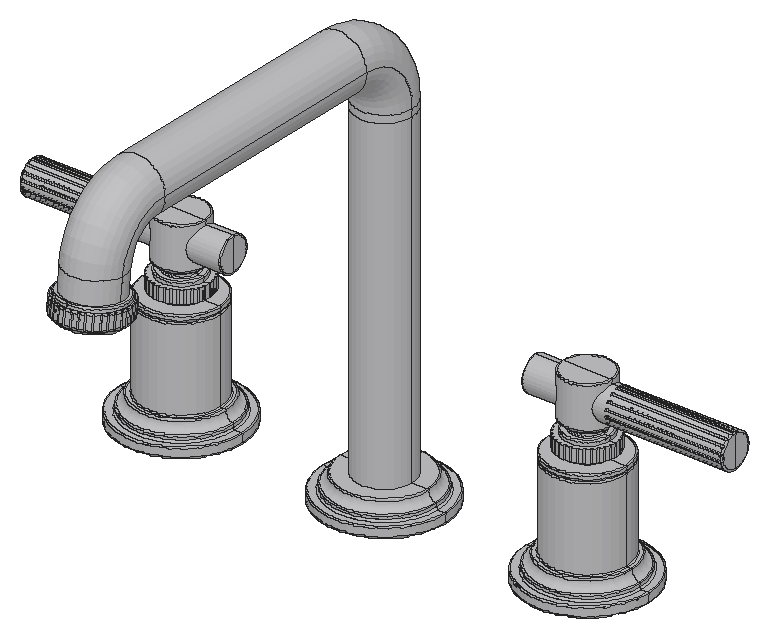
Revit family "Faucet-Deck_Mount-Bath-KALLISTA-Central_Park_West-P21247", category Plumbing Fixtures, host Face, Revit 2021
Family settings
  Host = Face
  Round Connector Dimension = Use Diameter
  Part Type = Normal
  OmniClass Number = 23.31.11.00
  OmniClass Title = Faucets
  Cut with Voids When Loaded = No
  Shared = No
  Room Calculation Point = No
Parameters (values of type "CP-Chrome")
  Width [instance] = Faucet Hole Spacing  # 8"
  WaterSense Certified = 1 = 0  # no
  Waste Water Outlet = "Waste Water Outlet"  # constant formula
  Waste Connection = 1 = 0  # no
  Vent Connection = 1 = 0  # no
  URL = "https://www.kallista.com/"
  Type = 1
  Spout Reach = 7 13/64"  # constant formula
  Product Page URL = "https://www.kallista.com/bathroom/faucets/bath-faucets/central-park-west-deck-mount-bath-faucet-lever-handles-p21247-lv-cp"
  Product Name = "Central Park West"  # constant formula
  Product Documentation Link = "https://resources.kohler.com/interiors/kallista/pdf/1363536-4.pdf"
  Pressure = 0.00 psi
  Model = if(Type = 1, "P21247-LV-CP", if(Type = 2, "P21247-LV-BN", if(Type = 3, "P21247-LV-BV", if(Type = 4, "P21247-LV-SN", if(Type = 5, "P21247-LV-ULB", if(Type = 6, "P21247-LV-BAF", "NA"))))))  # "P21247-LV-CP"
  Material = "Premium Metal Construction"  # constant formula
  Master Format 2014 Name = "Residential Faucets, Supplies, and Trim"  # constant formula
  Master Format 2014 = "22 41 39"  # constant formula
  Manufacturer Address = "444 Highland Dr, Kohler, WI 53044"  # constant formula
  Manufacturer = "Kallista Co."  # constant formula
  Length = Spout Reach  # 7 13/64"
  Hot Water Inlet = "Hot Water Inlet"  # constant formula
  Height = 8.76772"  # constant formula
  Handle Clearance = 2.91732"  # constant formula
  HW Connection = 1 = 1  # yes
  Flow Rate = 0 GPM
  Finish = Kallista-Metal-CP-Chrome
  Faucet Hole Spacing [instance] = 8"
  Environmental Product Declaration = ""
  Drain Included = 1 = 0  # no
  Description = "Deck-Mount Bath Faucet Lever Handles"  # constant formula
  Default Elevation = 36"
  Declare Label = ""
  Date Modified = "08/03/2022"  # constant formula
  Date Created = "08/03/2022"  # constant formula
  Copyright = "Copyright Kallista Co."  # constant formula
  Contact Us = "https://www.kallista.com/corporate/contact-us/"
  Cold Water Inlet = "Cold Water Inlet"  # constant formula
  CW Connection = 1 = 1  # yes
  Assembly Code = "D2010"
  ADA Compliant = 1 = 1  # yes
Reference planes (in)
  plane 1 "Center (Front/Back)": y = 0
  plane 2: z = 0
  plane 3 "Center (Left/Right)": x = 0
  plane 4: y = -1.21063
  plane 5: y = 1.21063
  plane 6: x = 1.21063
  plane 7: x = -1.21063
  plane 8: z = 8.76772
  plane 9: z = 3.70079
  plane 10: z = 2.94882
  plane 11: z = 6.40157
  plane 12: y = -7.20313
  plane 13: z = 3.28165
  plane 14: x = -4
  plane 15: x = 4
  plane 16: x = -6.91732
  plane 17: x = -5.21063
  plane 18: x = -2.78937
  plane 19: x = 6.91732
  plane 20: x = 2.78937
  plane 21: x = 5.21063
  plane 22: y = -7.88555
Dimensions and locks (in)
  "Height": level to plane 8
  plane 5 to plane 4 = 2.42126"  (x2)
  plane 9 to level = 3.70079"
  plane 10 to level = 2.94882"
  "Length": plane 1 "Center (Front/Back)" to plane 12
  level to plane 11 = 6.40157"
  "Width": plane 14 to plane 15
  equal spacing: plane 14, plane 3 "Center (Left/Right)", plane 15
  "Handle Clearance": plane 16 to plane 14
  locked: plane 17 to plane 18 at 2.42126
  equal spacing: plane 17, plane 14, plane 18
  "Handle Clearance": plane 15 to plane 19
  locked: plane 20 to plane 21 at 2.42126
  equal spacing: plane 20, plane 15, plane 21
  aligned and locked: plane 2 to host face
  aligned and locked: level to host face
  aligned and locked: plane 3 "Center (Left/Right)" to nested 1
  aligned and locked: plane 1 "Center (Front/Back)" to nested 1
  aligned and locked: plane 1 "Center (Front/Back)" to nested 2
  aligned and locked: plane 14 to nested 2
  aligned and locked: plane 15 to nested 3
Automatic sketch dimensions
  host sketch curve to host sketch curve = 96"  (x2)
Nested families (in)
  nested 1: "P21247_Spout" at (0, 0, 0), type "P21247_Spout"
  nested 2: "P21247_Handle" at (-4, 0, 0), type "P21247_Handle"
  nested 3: "P21247_Handle" at (4, 0, 0) x (-1, 0, 0) z (0, 0, 1), type "P21247_Handle"
Connectors (in)
  piping at (-4, 0, 0), diameter 0.62598, driven by "HW Connection", driven by "Hot Water Inlet"
    settings: on nested 2, index 1, connector inside diameter 24", connector length 0", flow factor 0, pipe flow 0 GPM, pressure drop 0.00 psi, fitting loss kfactor 0, connector angle 0.00°, fixture units 0, engagement length 0", angle of deflection 0.00°, flow configuration 0, flow direction 1, fitting loss method 0, system type 19, joint type 0, gender type 0, connector reference index -1, connector utility 1, adjustable connector no, is connector primary yes, connector description "Hot Water Inlet"
  piping at (4, 0, 0), diameter 0.62598, driven by "CW Connection", driven by "Cold Water Inlet"
    settings: on nested 3, index 2, connector inside diameter 24", connector length 0", flow factor 0, pipe flow 0 GPM, pressure drop 0.00 psi, fitting loss kfactor 0, connector angle 0.00°, fixture units 0, engagement length 0", angle of deflection 0.00°, flow configuration 0, flow direction 1, fitting loss method 0, system type 20, joint type 0, gender type 0, connector reference index -1, connector utility 1, adjustable connector no, is connector primary no, connector description "Cold Water Inlet"
Definition of nested family "P21247_Spout"
  Parameters
    Material = none
    Default Elevation = 0"
  Reference planes (in)
    plane 1 "Center (Front/Back)": y = 0
    plane 2: z = 0
    plane 3 "Center (Left/Right)": x = 0
    plane 4: x = -1.21063
    plane 5: x = 1.21063
    plane 6: z = 8.76772
    plane 7: y = 1.21063
    plane 8: y = -1.21063
    plane 9: y = -7.20472
    plane 10: z = 6.40157
    plane 11: y = -7.88555
    plane 12 "C": through (0, -7.19938, 6.46273) normal (0, -0.9962, 0.0872)
    plane 13 "d": through (0, -6.61342, 6.32772) normal (0, 0.0872, 0.9962)
  Forms (in)
    Revolve 1, solid, material <- "Material", detail levels medium+fine
      sketch origin (0, 0, 0) x (1, 0, 0) y (0, 0, 1)
        loop
          line (0, 0) -> (0, 6.94828) -> (-0.55118, 6.94828) -> (-0.55118, 0.49492) -> (-0.854, 0.49492)
          arc (-0.854, 0.49492) -> (-0.86832, 0.48873) -> (-0.87365, 0.47406) r 0.01969
          arc (-0.87365, 0.47406) -> (-0.90638, 0.36392) -> (-1.00218, 0.30047) r 0.16826
          arc (-1.00218, 0.30047) -> (-1.0152, 0.29212) -> (-1.02027, 0.2775) r 0.02362
          line (-1.02027, 0.2775) -> (-1.02027, 0.22617)
          arc (-1.02027, 0.22617) -> (-1.02986, 0.20301) -> (-1.05302, 0.19342) r 0.03275
          line (-1.05302, 0.19342) -> (-1.19046, 0.19342)
          arc (-1.19046, 0.19342) -> (-1.20472, 0.18751) -> (-1.21063, 0.17324) r 0.02017
          line (-1.21063, 0.17324) -> (-1.21063, 0.01958)
          arc (-1.21063, 0.01958) -> (-1.2049, 0.00573) -> (-1.19105, 0) r 0.01958
          line (-1.19105, 0) -> (0, 0)
        axis (0, 6.94828) -> (0, 0)
      angle from 0 to 360
    Sweep 2, solid, material <- "Material", detail levels medium+fine
      path origin (0, 0, 0) x (0, 1, 0) y (0, 0, 1)
        loop
          line (-7.1672, 6.83062) -> (-7.12976, 7.25848)
          arc (-7.12976, 7.25848) -> (-6.79392, 7.93951) -> (-6.08621, 8.21472) r 1.04754
          line (-6.08621, 8.21472) -> (-1.12452, 8.21472)
          arc (-1.12452, 8.21472) -> (-0.32936, 7.88536) -> (0, 7.0902) r 1.12452
          line (0, 7.0902) -> (0, 6.94835)
      profile origin (0, 0, 7.01928) x (1, 0, 0) y (0, 1, 0)
        loop
          circle (0, 0) r 0.55118
    Revolve 3, solid, material <- "Material", detail levels medium+fine
      sketch origin (0, -0.17581, 8.18911) x (0, 0, 1) y (0, -1, 0)
        loop
          line (-1.35849, 6.99139) -> (-1.30497, 7.60314)
          arc (-1.30497, 7.60314) -> (-1.31017, 7.61823) -> (-1.32439, 7.62547) r 0.0213
          line (-1.32439, 7.62547) -> (-1.37725, 7.6301) -> (-1.3742, 7.665)
          arc (-1.3742, 7.665) -> (-1.37895, 7.67963) -> (-1.39278, 7.68637) r 0.01969
          line (-1.39278, 7.68637) -> (-1.65373, 7.7092)
          arc (-1.65373, 7.7092) -> (-1.67108, 7.70373) -> (-1.67948, 7.68759) r 0.02377
          line (-1.67948, 7.68759) -> (-1.68346, 7.64212) -> (-1.73276, 7.64644)
          arc (-1.73276, 7.64644) -> (-1.7498, 7.6404) -> (-1.75758, 7.62408) r 0.02362
          line (-1.75758, 7.62408) -> (-1.76863, 7.49776) -> (-1.50373, 7.47458) -> (-1.54458, 7.00767) -> (-1.35849, 6.99139)
        axis (-1.35849, 6.99139) -> (-1.80948, 7.03085)
      angle from 0 to 360
    Revolve 4, solid, detail levels medium+fine
      sketch origin (0, -0.17581, 8.18911) x (0, 0, 1) y (0, -1, 0)
        loop
          line (-1.53081, 7.4538) -> (-1.73855, 7.47197) -> (-1.74597, 7.38717) -> (-1.55242, 7.37024) -> (-1.62633, 7.32583) -> (-1.70025, 7.3323)
          arc (-1.70025, 7.3323) -> (-1.7164, 7.32721) -> (-1.72422, 7.31218) r 0.02213
          line (-1.72422, 7.31218) -> (-1.7493, 7.02558) -> (-1.56965, 7.00986) -> (-1.53081, 7.4538)
        axis (-1.56965, 7.00986) -> (-1.77739, 7.02804)
      angle from 0 to 360
    Extrusion 5, void
      sketch origin (0, 0.47771, 5.70733) x (0, 0.996195, -0.087156) y (-1, 0, 0)
        loop
          arc (-8.4123, -0.01969) -> (-8.39262, 0) -> (-8.4123, 0.01969) r 0.01969
          line (-8.4123, 0.01969) -> (-8.4569, 0.01969) -> (-8.4569, -0.01969) -> (-8.4123, -0.01969)
        loop
          arc (-8.39827, -0.14069) -> (-8.3823, -0.11789) -> (-8.40511, -0.10192) r 0.01969
          line (-8.40511, -0.10192) -> (-8.44903, -0.10967) -> (-8.44219, -0.14844) -> (-8.39827, -0.14069)
        loop
          arc (-8.36344, -0.25743) -> (-8.35167, -0.2322) -> (-8.37691, -0.22043) r 0.01969
          line (-8.37691, -0.22043) -> (-8.41881, -0.23568) -> (-8.40535, -0.27268) -> (-8.36344, -0.25743)
        loop
          arc (-8.30887, -0.36634) -> (-8.30166, -0.33945) -> (-8.32855, -0.33224) r 0.01969
          line (-8.32855, -0.33224) -> (-8.36717, -0.35454) -> (-8.34749, -0.38864) -> (-8.30887, -0.36634)
        loop
          arc (-8.23621, -0.46412) -> (-8.23379, -0.43639) -> (-8.26152, -0.43396) r 0.01969
          line (-8.26152, -0.43396) -> (-8.29568, -0.46262) -> (-8.27037, -0.49278) -> (-8.23621, -0.46412)
        loop
          arc (-8.14768, -0.5478) -> (-8.15011, -0.52006) -> (-8.17784, -0.52249) r 0.01969
          line (-8.17784, -0.52249) -> (-8.20651, -0.55665) -> (-8.17635, -0.58196) -> (-8.14768, -0.5478)
        loop
          arc (-8.04596, -0.61483) -> (-8.05317, -0.58794) -> (-8.08006, -0.59515) r 0.01969
          line (-8.08006, -0.59515) -> (-8.10236, -0.63377) -> (-8.06826, -0.65345) -> (-8.04596, -0.61483)
        loop
          arc (-7.93415, -0.66318) -> (-7.94592, -0.63795) -> (-7.97115, -0.64972) r 0.01969
          line (-7.97115, -0.64972) -> (-7.9864, -0.69162) -> (-7.9494, -0.70509) -> (-7.93415, -0.66318)
        loop
          arc (-7.81564, -0.69139) -> (-7.83161, -0.66858) -> (-7.85442, -0.68455) r 0.01969
          line (-7.85442, -0.68455) -> (-7.86216, -0.72847) -> (-7.82339, -0.7353) -> (-7.81564, -0.69139)
        loop
          arc (-7.69404, -0.69858) -> (-7.71372, -0.6789) -> (-7.73341, -0.69858) r 0.01969
          line (-7.73341, -0.69858) -> (-7.73341, -0.74318) -> (-7.69404, -0.74318) -> (-7.69404, -0.69858)
        loop
          arc (-7.57303, -0.68455) -> (-7.59583, -0.66858) -> (-7.6118, -0.69139) r 0.01969
          line (-7.6118, -0.69139) -> (-7.60406, -0.7353) -> (-7.56528, -0.72847) -> (-7.57303, -0.68455)
        loop
          arc (-7.4563, -0.64972) -> (-7.48153, -0.63795) -> (-7.49329, -0.66318) r 0.01969
          line (-7.49329, -0.66318) -> (-7.47804, -0.70509) -> (-7.44104, -0.69162) -> (-7.4563, -0.64972)
        loop
          arc (-7.34738, -0.59515) -> (-7.37427, -0.58794) -> (-7.38148, -0.61483) r 0.01969
          line (-7.38148, -0.61483) -> (-7.35918, -0.65345) -> (-7.32509, -0.63377) -> (-7.34738, -0.59515)
        loop
          arc (-7.2496, -0.52249) -> (-7.27734, -0.52006) -> (-7.27976, -0.5478) r 0.01969
          line (-7.27976, -0.5478) -> (-7.2511, -0.58196) -> (-7.22094, -0.55665) -> (-7.2496, -0.52249)
        loop
          arc (-7.16592, -0.43396) -> (-7.19366, -0.43639) -> (-7.19123, -0.46412) r 0.01969
          line (-7.19123, -0.46412) -> (-7.15707, -0.49278) -> (-7.13176, -0.46262) -> (-7.16592, -0.43396)
        loop
          arc (-7.09889, -0.33224) -> (-7.12578, -0.33945) -> (-7.11858, -0.36634) r 0.01969
          line (-7.11858, -0.36634) -> (-7.07996, -0.38864) -> (-7.06027, -0.35454) -> (-7.09889, -0.33224)
        loop
          arc (-7.05054, -0.22043) -> (-7.07577, -0.2322) -> (-7.064, -0.25743) r 0.01969
          line (-7.064, -0.25743) -> (-7.0221, -0.27268) -> (-7.00863, -0.23568) -> (-7.05054, -0.22043)
        loop
          arc (-7.02234, -0.10192) -> (-7.04514, -0.11789) -> (-7.02917, -0.14069) r 0.01969
          line (-7.02917, -0.14069) -> (-6.98526, -0.14844) -> (-6.97842, -0.10967) -> (-7.02234, -0.10192)
        loop
          arc (-7.01514, 0.01969) -> (-7.03483, 0) -> (-7.01514, -0.01969) r 0.01969
          line (-7.01514, -0.01969) -> (-6.97055, -0.01969) -> (-6.97055, 0.01969) -> (-7.01514, 0.01969)
        loop
          arc (-7.02917, 0.14069) -> (-7.04514, 0.11789) -> (-7.02234, 0.10192) r 0.01969
          line (-7.02234, 0.10192) -> (-6.97842, 0.10967) -> (-6.98526, 0.14844) -> (-7.02917, 0.14069)
        loop
          arc (-7.064, 0.25743) -> (-7.07577, 0.2322) -> (-7.05054, 0.22043) r 0.01969
          line (-7.05054, 0.22043) -> (-7.00863, 0.23568) -> (-7.0221, 0.27268) -> (-7.064, 0.25743)
        loop
          arc (-7.11858, 0.36634) -> (-7.12578, 0.33945) -> (-7.09889, 0.33224) r 0.01969
          line (-7.09889, 0.33224) -> (-7.06027, 0.35454) -> (-7.07996, 0.38864) -> (-7.11858, 0.36634)
        loop
          arc (-7.19123, 0.46412) -> (-7.19366, 0.43639) -> (-7.16592, 0.43396) r 0.01969
          line (-7.16592, 0.43396) -> (-7.13176, 0.46262) -> (-7.15707, 0.49278) -> (-7.19123, 0.46412)
        loop
          arc (-7.27976, 0.5478) -> (-7.27734, 0.52006) -> (-7.2496, 0.52249) r 0.01969
          line (-7.2496, 0.52249) -> (-7.22094, 0.55665) -> (-7.2511, 0.58196) -> (-7.27976, 0.5478)
        loop
          arc (-7.38148, 0.61483) -> (-7.37427, 0.58794) -> (-7.34738, 0.59515) r 0.01969
          line (-7.34738, 0.59515) -> (-7.32509, 0.63377) -> (-7.35918, 0.65345) -> (-7.38148, 0.61483)
        loop
          arc (-7.49329, 0.66318) -> (-7.48153, 0.63795) -> (-7.4563, 0.64972) r 0.01969
          line (-7.4563, 0.64972) -> (-7.44104, 0.69162) -> (-7.47804, 0.70509) -> (-7.49329, 0.66318)
        loop
          arc (-7.6118, 0.69139) -> (-7.59583, 0.66858) -> (-7.57303, 0.68455) r 0.01969
          line (-7.57303, 0.68455) -> (-7.56528, 0.72847) -> (-7.60406, 0.7353) -> (-7.6118, 0.69139)
        loop
          arc (-7.73341, 0.69858) -> (-7.71372, 0.6789) -> (-7.69404, 0.69858) r 0.01969
          line (-7.69404, 0.69858) -> (-7.69404, 0.74318) -> (-7.73341, 0.74318) -> (-7.73341, 0.69858)
        loop
          arc (-7.85442, 0.68455) -> (-7.83161, 0.66858) -> (-7.81564, 0.69139) r 0.01969
          line (-7.81564, 0.69139) -> (-7.82339, 0.7353) -> (-7.86216, 0.72847) -> (-7.85442, 0.68455)
        loop
          arc (-7.97115, 0.64972) -> (-7.94592, 0.63795) -> (-7.93415, 0.66318) r 0.01969
          line (-7.93415, 0.66318) -> (-7.9494, 0.70509) -> (-7.9864, 0.69162) -> (-7.97115, 0.64972)
        loop
          arc (-8.08006, 0.59515) -> (-8.05317, 0.58794) -> (-8.04596, 0.61483) r 0.01969
          line (-8.04596, 0.61483) -> (-8.06826, 0.65345) -> (-8.10236, 0.63377) -> (-8.08006, 0.59515)
        loop
          arc (-8.17784, 0.52249) -> (-8.15011, 0.52006) -> (-8.14768, 0.5478) r 0.01969
          line (-8.14768, 0.5478) -> (-8.17635, 0.58196) -> (-8.20651, 0.55665) -> (-8.17784, 0.52249)
        loop
          arc (-8.26152, 0.43396) -> (-8.23379, 0.43639) -> (-8.23621, 0.46412) r 0.01969
          line (-8.23621, 0.46412) -> (-8.27037, 0.49278) -> (-8.29568, 0.46262) -> (-8.26152, 0.43396)
        loop
          arc (-8.32855, 0.33224) -> (-8.30166, 0.33945) -> (-8.30887, 0.36634) r 0.01969
          line (-8.30887, 0.36634) -> (-8.34749, 0.38864) -> (-8.36717, 0.35454) -> (-8.32855, 0.33224)
        loop
          arc (-8.37691, 0.22043) -> (-8.35167, 0.2322) -> (-8.36344, 0.25743) r 0.01969
          line (-8.36344, 0.25743) -> (-8.40535, 0.27268) -> (-8.41881, 0.23568) -> (-8.37691, 0.22043)
        loop
          arc (-8.40511, 0.10192) -> (-8.3823, 0.11789) -> (-8.39827, 0.14069) r 0.01969
          line (-8.39827, 0.14069) -> (-8.44219, 0.14844) -> (-8.44903, 0.10967) -> (-8.40511, 0.10192)
      from 0.07227 to 0.37836
    Revolve 6, solid, material <- "Material", detail levels coarse
      sketch origin (0, 0, 0) x (0, 1, 0) y (0, 0, 1)
        loop
          line (1.21063, 0) -> (1.21063, 0.19299) -> (1.02037, 0.19299) -> (1.02037, 0.27737) -> (0.85328, 0.49492) -> (0.55118, 0.49492) -> (0.55118, 6.87345) -> (0, 6.87345) -> (0, 0) -> (1.21063, 0)
        axis (0, 6.87345) -> (0, 0)
      angle from 0 to 360
    Revolve 7, solid, material <- "Material", detail levels coarse
      sketch origin (0, 0, 0) x (0, 1, 0) y (0, 0, 1)
        loop
          line (-7.20665, 6.37963) -> (-6.58908, 6.32559) -> (-6.58278, 6.39759) -> (-6.51384, 6.39156) -> (-6.48716, 6.69648) -> (-6.54145, 6.70123) -> (-6.53497, 6.7753) -> (-7.1672, 6.83062) -> (-7.20665, 6.37963)
        axis (-7.1672, 6.83062) -> (-7.20665, 6.37963)
      angle from 0 to 360
    Sweep 8, solid, material <- "Material", detail levels coarse
      path origin (0, 0, 0) x (0, 1, 0) y (0, 0, 1)
        loop
          line (0, 6.87392) -> (0, 7.07077)
          arc (0, 7.07077) -> (-0.33519, 7.87999) -> (-1.14441, 8.21518) r 1.14441
          line (-1.14441, 8.21518) -> (-6.14561, 8.21518)
          arc (-6.14561, 8.21518) -> (-6.81057, 7.9566) -> (-7.12612, 7.31671) r 0.98425
          line (-7.12612, 7.31671) -> (-7.16952, 6.82072)
      profile origin (0, 0, 6.87392) x (1, 0, 0) y (0, 1, 0)
        loop
          circle (0, 0) r 0.55118
    Extrusion 9, solid, detail levels medium+fine
      sketch origin (0, 0.49916, 5.70545) x (0, 0.996195, -0.087156) y (-1, 0, 0)
        loop
          arc (-7.28962, 0) -> (-7.28995, 0.01694) -> (-7.29091, 0.03386) r 0.44563
          line (-7.29091, 0.03386) -> (-7.34636, 0.03386)
          arc (-7.34636, 0.03386) -> (-7.3404, -0.0001) -> (-7.34636, -0.03406) r 0.09972
          line (-7.34636, -0.03406) -> (-7.29093, -0.03406)
          arc (-7.29093, -0.03406) -> (-7.28995, -0.01704) -> (-7.28962, 0) r 0.44563
        loop
          arc (-7.73525, 0.44563) -> (-7.7522, 0.44531) -> (-7.76911, 0.44434) r 0.44563
          line (-7.76911, 0.44434) -> (-7.76911, 0.38889)
          arc (-7.76911, 0.38889) -> (-7.73515, 0.39486) -> (-7.70119, 0.38889) r 0.09972
          line (-7.70119, 0.38889) -> (-7.70119, 0.44433)
          arc (-7.70119, 0.44433) -> (-7.71821, 0.4453) -> (-7.73525, 0.44563) r 0.44563
        loop
          arc (-7.73525, -0.44563) -> (-7.71831, -0.44531) -> (-7.70139, -0.44434) r 0.44563
          line (-7.70139, -0.44434) -> (-7.70139, -0.38889)
          arc (-7.70139, -0.38889) -> (-7.73535, -0.39486) -> (-7.76931, -0.38889) r 0.09972
          line (-7.76931, -0.38889) -> (-7.76931, -0.44433)
          arc (-7.76931, -0.44433) -> (-7.7523, -0.4453) -> (-7.73525, -0.44563) r 0.44563
        loop
          arc (-8.18088, 0) -> (-8.18056, -0.01694) -> (-8.17959, -0.03386) r 0.44563
          line (-8.17959, -0.03386) -> (-8.12415, -0.03386)
          arc (-8.12415, -0.03386) -> (-8.13011, 0.0001) -> (-8.12415, 0.03406) r 0.09972
          line (-8.12415, 0.03406) -> (-8.17958, 0.03406)
          arc (-8.17958, 0.03406) -> (-8.18056, 0.01704) -> (-8.18088, 0) r 0.44563
        loop
          arc (-7.42014, 0.31511) -> (-7.43235, 0.32686) -> (-7.445, 0.33814) r 0.44563
          line (-7.445, 0.33814) -> (-7.48421, 0.29893)
          arc (-7.48421, 0.29893) -> (-7.45598, 0.27913) -> (-7.43618, 0.2509) r 0.09972
          line (-7.43618, 0.2509) -> (-7.39698, 0.2901)
          arc (-7.39698, 0.2901) -> (-7.40832, 0.30283) -> (-7.42014, 0.31511) r 0.44563
        loop
          arc (-7.42014, -0.31511) -> (-7.40839, -0.3029) -> (-7.39711, -0.29025) r 0.44563
          line (-7.39711, -0.29025) -> (-7.43632, -0.25104)
          arc (-7.43632, -0.25104) -> (-7.45612, -0.27927) -> (-7.48435, -0.29907) r 0.09972
          line (-7.48435, -0.29907) -> (-7.44515, -0.33827)
          arc (-7.44515, -0.33827) -> (-7.43243, -0.32693) -> (-7.42014, -0.31511) r 0.44563
        loop
          arc (-8.05036, 0.31511) -> (-8.06211, 0.3029) -> (-8.07339, 0.29025) r 0.44563
          line (-8.07339, 0.29025) -> (-8.03419, 0.25104)
          arc (-8.03419, 0.25104) -> (-8.01439, 0.27927) -> (-7.98616, 0.29907) r 0.09972
          line (-7.98616, 0.29907) -> (-8.02535, 0.33827)
          arc (-8.02535, 0.33827) -> (-8.03808, 0.32693) -> (-8.05036, 0.31511) r 0.44563
        loop
          arc (-8.05036, -0.31511) -> (-8.03815, -0.32686) -> (-8.0255, -0.33814) r 0.44563
          line (-8.0255, -0.33814) -> (-7.9863, -0.29893)
          arc (-7.9863, -0.29893) -> (-8.01453, -0.27913) -> (-8.03433, -0.2509) r 0.09972
          line (-8.03433, -0.2509) -> (-8.07352, -0.2901)
          arc (-8.07352, -0.2901) -> (-8.06218, -0.30283) -> (-8.05036, -0.31511) r 0.44563
      from 0 to 0.07227
  Cuts and joins
    joined: Revolve 1, Sweep 2
    Extrusion 5 cuts Revolve 3
    joined: Revolve 6, Revolve 7, Sweep 8
  Lines and regions (in)
    Masking region 1
      outline origin (0, 0, 0) x (1, 0, 0) y (0, 0, 1)
        loop
          line (-1.18946, 0) -> (1.18946, 0)
          arc (1.18946, 0) -> (1.20443, 0.0062) -> (1.21063, 0.02117) r 0.02117
          line (1.21063, 0.02117) -> (1.21063, 0.17278)
          arc (1.21063, 0.17278) -> (1.20471, 0.18707) -> (1.19042, 0.19299) r 0.02021
          line (1.19042, 0.19299) -> (1.05297, 0.19299)
          arc (1.05297, 0.19299) -> (1.02992, 0.20254) -> (1.02037, 0.22558) r 0.03259
          line (1.02037, 0.22558) -> (1.02037, 0.27737)
          arc (1.02037, 0.27737) -> (1.01522, 0.29225) -> (1.00198, 0.30077) r 0.02409
          arc (1.00198, 0.30077) -> (0.9062, 0.3642) -> (0.87297, 0.47416) r 0.16926
          arc (0.87297, 0.47416) -> (0.86759, 0.48877) -> (0.85328, 0.49492) r 0.01971
          line (0.85328, 0.49492) -> (0.55118, 0.49492) -> (0.55118, 6.359)
          arc (0.55118, 6.359) -> (0.57372, 6.36426) -> (0.59562, 6.37174) r 0.23222
          arc (0.59562, 6.37174) -> (0.61129, 6.38199) -> (0.61985, 6.39865) r 0.03659
          line (0.61985, 6.39865) -> (0.61985, 6.42974)
          arc (0.61985, 6.42974) -> (0.64249, 6.43479) -> (0.6646, 6.44177) r 0.2681
          arc (0.6646, 6.44177) -> (0.68239, 6.45542) -> (0.68914, 6.47681) r 0.03729
          line (0.68914, 6.47681) -> (0.68914, 6.73746)
          arc (0.68914, 6.73746) -> (0.68376, 6.75378) -> (0.66974, 6.76372) r 0.02746
          arc (0.66974, 6.76372) -> (0.65275, 6.77099) -> (0.63483, 6.77555) r 0.11951
          line (0.63483, 6.77555) -> (0.63483, 6.80861)
          arc (0.63483, 6.80861) -> (0.63039, 6.82428) -> (0.61837, 6.83528) r 0.02984
          arc (0.61837, 6.83528) -> (0.58568, 6.84795) -> (0.55118, 6.8542) r 0.18442
          line (0.55118, 6.8542) -> (0.55118, 8.24943)
          arc (0.55118, 8.24943) -> (0.37606, 8.61542) -> (0, 8.76772) r 0.56118
          arc (0, 8.76772) -> (-0.37606, 8.61542) -> (-0.55118, 8.24943) r 0.56118
          line (-0.55118, 8.24943) -> (-0.55118, 6.8542)
          arc (-0.55118, 6.8542) -> (-0.58568, 6.84795) -> (-0.61837, 6.83528) r 0.18442
          arc (-0.61837, 6.83528) -> (-0.63039, 6.82428) -> (-0.63483, 6.80861) r 0.02984
          line (-0.63483, 6.80861) -> (-0.63483, 6.77555)
          arc (-0.63483, 6.77555) -> (-0.65275, 6.77099) -> (-0.66974, 6.76372) r 0.11951
          arc (-0.66974, 6.76372) -> (-0.68376, 6.75378) -> (-0.68914, 6.73746) r 0.02746
          line (-0.68914, 6.73746) -> (-0.68914, 6.47681)
          arc (-0.68914, 6.47681) -> (-0.68239, 6.45542) -> (-0.6646, 6.44177) r 0.03729
          arc (-0.6646, 6.44177) -> (-0.64249, 6.43479) -> (-0.61985, 6.42974) r 0.2681
          line (-0.61985, 6.42974) -> (-0.61985, 6.39865)
          arc (-0.61985, 6.39865) -> (-0.61129, 6.38199) -> (-0.59562, 6.37174) r 0.03659
          arc (-0.59562, 6.37174) -> (-0.57372, 6.36426) -> (-0.55118, 6.359) r 0.23222
          line (-0.55118, 6.359) -> (-0.55118, 0.49492) -> (-0.85328, 0.49492)
          arc (-0.85328, 0.49492) -> (-0.86759, 0.48877) -> (-0.87297, 0.47416) r 0.01971
          arc (-0.87297, 0.47416) -> (-0.9062, 0.3642) -> (-1.00198, 0.30077) r 0.16926
          arc (-1.00198, 0.30077) -> (-1.01522, 0.29225) -> (-1.02037, 0.27737) r 0.02409
          line (-1.02037, 0.27737) -> (-1.02037, 0.22558)
          arc (-1.02037, 0.22558) -> (-1.02992, 0.20254) -> (-1.05297, 0.19299) r 0.03259
          line (-1.05297, 0.19299) -> (-1.19042, 0.19299)
          arc (-1.19042, 0.19299) -> (-1.20471, 0.18707) -> (-1.21063, 0.17278) r 0.02021
          line (-1.21063, 0.17278) -> (-1.21063, 0.02117)
          arc (-1.21063, 0.02117) -> (-1.20443, 0.0062) -> (-1.18946, 0) r 0.02117
    Masking region 2
      outline origin (0, 0, 0) x (0, 1, 0) y (0, 0, 1)
        loop
          arc (1.18946, 0) -> (1.20443, 0.0062) -> (1.21063, 0.02117) r 0.02117
          line (1.21063, 0.02117) -> (1.21063, 0.17278)
          arc (1.21063, 0.17278) -> (1.20471, 0.18707) -> (1.19042, 0.19299) r 0.02021
          line (1.19042, 0.19299) -> (1.05297, 0.19299)
          arc (1.05297, 0.19299) -> (1.02992, 0.20254) -> (1.02037, 0.22558) r 0.03259
          line (1.02037, 0.22558) -> (1.02037, 0.27737)
          arc (1.02037, 0.27737) -> (1.01522, 0.29225) -> (1.00198, 0.30077) r 0.02409
          arc (1.00198, 0.30077) -> (0.9062, 0.3642) -> (0.87297, 0.47416) r 0.16926
          arc (0.87297, 0.47416) -> (0.86759, 0.48877) -> (0.85328, 0.49492) r 0.01971
          line (0.85328, 0.49492) -> (0.55118, 0.49492) -> (0.55118, 7.11815)
          arc (0.55118, 7.11815) -> (0.06803, 8.28457) -> (-1.09839, 8.76772) r 1.64957
          line (-1.09839, 8.76772) -> (-6.08535, 8.76772)
          arc (-6.08535, 8.76772) -> (-7.16732, 8.34696) -> (-7.68077, 7.30578) r 1.60152
          line (-7.68077, 7.30578) -> (-7.71813, 6.87882) -> (-7.77798, 6.88405)
          arc (-7.77798, 6.88405) -> (-7.7937, 6.8791) -> (-7.8013, 6.86449) r 0.02152
          line (-7.8013, 6.86449) -> (-7.80591, 6.81185) -> (-7.84054, 6.81489)
          arc (-7.84054, 6.81489) -> (-7.85494, 6.81035) -> (-7.86191, 6.79695) r 0.01972
          line (-7.86191, 6.79695) -> (-7.88494, 6.5337)
          arc (-7.88494, 6.5337) -> (-7.87986, 6.51757) -> (-7.86485, 6.50976) r 0.0221
          line (-7.86485, 6.50976) -> (-7.81793, 6.50565) -> (-7.82225, 6.45634)
          arc (-7.82225, 6.45634) -> (-7.81701, 6.43972) -> (-7.80155, 6.43167) r 0.02277
          line (-7.80155, 6.43167) -> (-6.61176, 6.32758)
          arc (-6.61176, 6.32758) -> (-6.59514, 6.33282) -> (-6.58709, 6.34827) r 0.02277
          line (-6.58709, 6.34827) -> (-6.58278, 6.39759) -> (-6.53586, 6.39349)
          arc (-6.53586, 6.39349) -> (-6.51973, 6.39857) -> (-6.51192, 6.41358) r 0.0221
          line (-6.51192, 6.41358) -> (-6.48888, 6.67683)
          arc (-6.48888, 6.67683) -> (-6.49342, 6.69123) -> (-6.50681, 6.6982) r 0.01972
          line (-6.50681, 6.6982) -> (-6.54145, 6.70123) -> (-6.53685, 6.75386)
          arc (-6.53685, 6.75386) -> (-6.5418, 6.76957) -> (-6.55641, 6.77718) r 0.02152
          line (-6.55641, 6.77718) -> (-6.61931, 6.78268) -> (-6.58257, 7.20258)
          arc (-6.58257, 7.20258) -> (-6.42099, 7.53024) -> (-6.0805, 7.66265) r 0.50399
          line (-6.0805, 7.66265) -> (-1.10304, 7.66265)
          arc (-1.10304, 7.66265) -> (-0.71281, 7.50101) -> (-0.55118, 7.11078) r 0.55187
          line (-0.55118, 7.11078) -> (-0.55118, 0.49492) -> (-0.85328, 0.49492)
          arc (-0.85328, 0.49492) -> (-0.86759, 0.48877) -> (-0.87297, 0.47416) r 0.01971
          arc (-0.87297, 0.47416) -> (-0.9062, 0.3642) -> (-1.00198, 0.30077) r 0.16926
          arc (-1.00198, 0.30077) -> (-1.01522, 0.29225) -> (-1.02037, 0.27737) r 0.02409
          line (-1.02037, 0.27737) -> (-1.02037, 0.22558)
          arc (-1.02037, 0.22558) -> (-1.02992, 0.20254) -> (-1.05297, 0.19299) r 0.03259
          line (-1.05297, 0.19299) -> (-1.19042, 0.19299)
          arc (-1.19042, 0.19299) -> (-1.20471, 0.18707) -> (-1.21063, 0.17278) r 0.02021
          line (-1.21063, 0.17278) -> (-1.21063, 0.02117)
          arc (-1.21063, 0.02117) -> (-1.20443, 0.0062) -> (-1.18946, 0) r 0.02117
          line (-1.18946, 0) -> (1.18946, 0)
    Masking region 3
      outline origin (0, 0, 0) x (1, 0, 0) y (0, 1, 0)
        loop
          arc (-0.01729, -7.88481) -> (0, -7.87631) -> (0.01729, -7.88481) r 0.02184
          arc (0.01729, -7.88481) -> (0.05925, -7.88179) -> (0.10111, -7.87754) r 1.42264
          arc (0.10111, -7.87754) -> (0.11753, -7.86656) -> (0.13668, -7.87138) r 0.02431
          arc (0.13668, -7.87138) -> (0.17857, -7.86218) -> (0.21947, -7.84928) r 0.47973
          arc (0.21947, -7.84928) -> (0.23345, -7.83381) -> (0.25412, -7.83662) r 0.02234
          arc (0.25412, -7.83662) -> (0.29229, -7.81995) -> (0.32961, -7.80143) r 0.85051
          arc (0.32961, -7.80143) -> (0.33971, -7.78438) -> (0.35953, -7.78422) r 0.02016
          arc (0.35953, -7.78422) -> (0.39632, -7.76215) -> (0.42974, -7.73524) r 0.31164
          arc (0.42974, -7.73524) -> (0.43617, -7.71605) -> (0.4562, -7.71312) r 0.01933
          arc (0.4562, -7.71312) -> (0.48648, -7.68304) -> (0.51656, -7.65276) r 6.32129
          arc (0.51656, -7.65276) -> (0.52135, -7.63409) -> (0.53901, -7.62639) r 0.02196
          arc (0.53901, -7.62639) -> (0.56452, -7.59354) -> (0.58697, -7.55853) r 0.46128
          arc (0.58697, -7.55853) -> (0.58853, -7.53813) -> (0.60545, -7.52664) r 0.02356
          arc (0.60545, -7.52664) -> (0.62674, -7.48944) -> (0.64167, -7.44925) r 0.26182
          arc (0.64167, -7.44925) -> (0.63891, -7.42992) -> (0.65348, -7.41692) r 0.02067
          arc (0.65348, -7.41692) -> (0.66612, -7.37494) -> (0.67611, -7.33225) r 0.70357
          arc (0.67611, -7.33225) -> (0.6665, -7.31423) -> (0.68167, -7.30055) r 0.01658
          arc (0.68167, -7.30055) -> (0.68699, -7.25816) -> (0.68914, -7.21549) r 0.57348
          arc (0.68914, -7.21549) -> (0.67557, -7.18687) -> (0.68914, -7.15825) r 0.03697
          spline (0.68914, -7.15825) -> (0.68892, -7.15113) -> (0.68863, -7.14402) -> (0.68827, -7.13691) -> (0.68783, -7.1298) -> (0.68732, -7.1227) -> (0.68673, -7.1156) -> (0.68607, -7.10851) -> (0.68534, -7.10143) -> (0.68453, -7.09436) -> (0.68365, -7.08729) -> (0.68269, -7.08023) -> (0.68167, -7.07319)
          arc (0.68167, -7.07319) -> (0.66036, -7.05803) -> (0.67508, -7.03642) r 0.01868
          spline (0.67508, -7.03642) -> (0.67365, -7.0297) -> (0.67215, -7.02299) -> (0.67058, -7.01629) -> (0.66895, -7.00961) -> (0.66725, -7.00295) -> (0.66548, -6.9963) -> (0.66365, -6.98967) -> (0.66175, -6.98306) -> (0.65978, -6.97647) -> (0.65775, -6.9699) -> (0.65565, -6.96335) -> (0.65348, -6.95682)
          arc (0.65348, -6.95682) -> (0.63355, -6.9467) -> (0.64232, -6.92614) r 0.01636
          spline (0.64232, -6.92614) -> (0.63964, -6.91941) -> (0.6369, -6.9127) -> (0.63408, -6.90603) -> (0.6312, -6.89938) -> (0.62824, -6.89277) -> (0.62521, -6.88618) -> (0.62212, -6.87963) -> (0.61895, -6.87312) -> (0.61572, -6.86663) -> (0.61241, -6.86018) -> (0.60904, -6.85377) -> (0.6056, -6.84739)
          arc (0.6056, -6.84739) -> (0.58686, -6.83815) -> (0.58817, -6.8173) r 0.01884
          spline (0.58817, -6.8173) -> (0.58531, -6.81267) -> (0.58241, -6.80807) -> (0.57948, -6.8035) -> (0.57651, -6.79894) -> (0.5735, -6.79441) -> (0.57046, -6.78991) -> (0.56738, -6.78542) -> (0.56427, -6.78097) -> (0.56112, -6.77653) -> (0.55793, -6.77212) -> (0.55471, -6.76774) -> (0.55146, -6.76338)
          line (0.55146, -6.76338) -> (0.55146, -1.07774)
          arc (0.55146, -1.07774) -> (0, 1.21063) -> (-0.55146, -1.07774) r 1.21063
          line (-0.55146, -1.07774) -> (-0.55146, -6.76338)
          spline (-0.55146, -6.76338) -> (-0.55471, -6.76774) -> (-0.55793, -6.77212) -> (-0.56112, -6.77653) -> (-0.56427, -6.78097) -> (-0.56738, -6.78542) -> (-0.57046, -6.78991) -> (-0.5735, -6.79441) -> (-0.57651, -6.79894) -> (-0.57948, -6.8035) -> (-0.58241, -6.80807) -> (-0.58531, -6.81267) -> (-0.58817, -6.8173)
          arc (-0.58817, -6.8173) -> (-0.58686, -6.83815) -> (-0.6056, -6.84739) r 0.01884
          spline (-0.6056, -6.84739) -> (-0.60904, -6.85377) -> (-0.61241, -6.86018) -> (-0.61572, -6.86663) -> (-0.61895, -6.87312) -> (-0.62212, -6.87963) -> (-0.62521, -6.88618) -> (-0.62824, -6.89277) -> (-0.6312, -6.89938) -> (-0.63408, -6.90603) -> (-0.6369, -6.9127) -> (-0.63964, -6.91941) -> (-0.64232, -6.92614)
          arc (-0.64232, -6.92614) -> (-0.63355, -6.9467) -> (-0.65348, -6.95682) r 0.01636
          spline (-0.65348, -6.95682) -> (-0.65565, -6.96335) -> (-0.65775, -6.9699) -> (-0.65978, -6.97647) -> (-0.66175, -6.98306) -> (-0.66365, -6.98967) -> (-0.66548, -6.9963) -> (-0.66725, -7.00295) -> (-0.66895, -7.00961) -> (-0.67058, -7.01629) -> (-0.67215, -7.02299) -> (-0.67365, -7.0297) -> (-0.67508, -7.03642)
          arc (-0.67508, -7.03642) -> (-0.66036, -7.05803) -> (-0.68167, -7.07319) r 0.01868
          spline (-0.68167, -7.07319) -> (-0.68269, -7.08023) -> (-0.68365, -7.08729) -> (-0.68453, -7.09436) -> (-0.68534, -7.10143) -> (-0.68607, -7.10851) -> (-0.68673, -7.1156) -> (-0.68732, -7.1227) -> (-0.68783, -7.1298) -> (-0.68827, -7.13691) -> (-0.68863, -7.14402) -> (-0.68892, -7.15113) -> (-0.68914, -7.15825)
          arc (-0.68914, -7.15825) -> (-0.67557, -7.18687) -> (-0.68914, -7.21549) r 0.03697
          arc (-0.68914, -7.21549) -> (-0.68699, -7.25816) -> (-0.68167, -7.30055) r 0.57348
          arc (-0.68167, -7.30055) -> (-0.6665, -7.31423) -> (-0.67611, -7.33225) r 0.01658
          arc (-0.67611, -7.33225) -> (-0.66612, -7.37494) -> (-0.65348, -7.41692) r 0.70357
          arc (-0.65348, -7.41692) -> (-0.63891, -7.42992) -> (-0.64167, -7.44925) r 0.02067
          arc (-0.64167, -7.44925) -> (-0.62674, -7.48944) -> (-0.60545, -7.52664) r 0.26182
          arc (-0.60545, -7.52664) -> (-0.58853, -7.53813) -> (-0.58697, -7.55853) r 0.02356
          arc (-0.58697, -7.55853) -> (-0.56452, -7.59354) -> (-0.53901, -7.62639) r 0.46128
          arc (-0.53901, -7.62639) -> (-0.52135, -7.63409) -> (-0.51656, -7.65276) r 0.02196
          arc (-0.51656, -7.65276) -> (-0.48648, -7.68304) -> (-0.4562, -7.71312) r 6.32129
          arc (-0.4562, -7.71312) -> (-0.43617, -7.71605) -> (-0.42974, -7.73524) r 0.01933
          arc (-0.42974, -7.73524) -> (-0.39632, -7.76215) -> (-0.35953, -7.78422) r 0.31164
          arc (-0.35953, -7.78422) -> (-0.33971, -7.78438) -> (-0.32961, -7.80143) r 0.02016
          arc (-0.32961, -7.80143) -> (-0.29229, -7.81995) -> (-0.25412, -7.83662) r 0.85051
          arc (-0.25412, -7.83662) -> (-0.23345, -7.83381) -> (-0.21947, -7.84928) r 0.02234
          arc (-0.21947, -7.84928) -> (-0.17857, -7.86218) -> (-0.13668, -7.87138) r 0.47973
          arc (-0.13668, -7.87138) -> (-0.11753, -7.86656) -> (-0.10111, -7.87754) r 0.02431
          arc (-0.10111, -7.87754) -> (-0.05925, -7.88179) -> (-0.01729, -7.88481) r 1.42264
    symbolic lines, detail levels medium+fine
      curve 1: arc (-0.55118, 0, 0) -> (0, 0.55118, 0) -> (0.55118, 0, 0) r 0.55118
      curve 2: line (-0.55146, -1.07774, 0) -> (-0.55146, 0.00408, 0)
      curve 3: line (0.55118, 0, 0) -> (0.55118, -1.07788, 0)
      curve 4: arc (0.55118, -0.8592, 0) -> (0.00017, 1.02079, 0) -> (-0.55146, -0.85902, 0) r 1.02079
      curve 5: arc (0.55118, -0.68066, 0) -> (0.00018, 0.87584, 0) -> (-0.55146, -0.68043, 0) r 0.87584
      curve 6: spline (0.55118, -7.1672, 0) -> (0.5324, -7.30931, 0) -> (0.47733, -7.44174, 0) -> (0.38974, -7.55546, 0) -> (0.27559, -7.64272, 0) -> (0.14266, -7.69757, 0) -> (0, -7.71628, 0) -> (-0.14266, -7.69757, 0) -> (-0.27559, -7.64272, 0) -> (-0.38974, -7.55546, 0) -> (-0.47733, -7.44174, 0) -> (-0.5324, -7.30931, 0) -> (-0.55118, -7.1672, 0)
      curve 7: line (-0.55118, -7.1672, 0) -> (-0.55118, -6.75954, 0)
      curve 8: line (0.55118, -7.1672, 0) -> (0.55118, -6.76301, 0)
      curve 9: spline (-0.55118, -6.89748, 0) -> (-0.60976, -7.09475, 0) -> (-0.59939, -7.30022, 0) -> (-0.52123, -7.49065, 0) -> (-0.38412, -7.64449, 0) -> (-0.20357, -7.74435, 0) -> (0, -7.77895, 0) -> (0.20357, -7.74435, 0) -> (0.38412, -7.64449, 0) -> (0.52123, -7.49065, 0) -> (0.59939, -7.30022, 0) -> (0.60976, -7.09475, 0) -> (0.55118, -6.89748, 0)
      curve 10: spline (-0.55118, -6.86027, 0) -> (-0.62545, -7.06645, 0) -> (-0.62464, -7.28551, 0) -> (-0.54883, -7.49114, 0) -> (-0.40714, -7.65866, 0) -> (-0.21657, -7.76796, 0) -> (0, -7.80591, 0) -> (0.21657, -7.76796, 0) -> (0.40714, -7.65866, 0) -> (0.54883, -7.49114, 0) -> (0.62464, -7.28551, 0) -> (0.62545, -7.06645, 0) -> (0.55118, -6.86027, 0)
      curve 11: line (-0.55146, -6.50277, 0) -> (0.55146, -6.50277, 0)
      curve 12: line (-0.55146, -0.96457, 0) -> (0.55118, -0.96457, 0)
      curve 13: line (-1.05297, 0, 0.19299) -> (1.05297, 0, 0.19299)
      curve 14: line (0.55118, 0, 0.49492) -> (-0.55348, 0, 0.49492)
      curve 15: line (-0.87297, 0, 0.47416) -> (0.87297, 0, 0.47416)
      curve 16: line (-1.00198, 0, 0.30077) -> (1.00198, 0, 0.30077)
      curve 17: line (1.02037, 0, 0.22558) -> (-1.02037, 0, 0.22558)
      curve 18: line (-1.21063, 0, 0.17278) -> (1.21063, 0, 0.17278)
      curve 19: line (1.21063, 0, 0.02117) -> (-1.21063, 0, 0.02117)
      curve 20: line (-1.02037, 0, 0.27737) -> (1.02037, 0, 0.27737)
      curve 21: spline (-0.55118, 0, 6.85421) -> (-0.5237, 0, 6.85857) -> (-0.49171, 0, 6.86268) -> (-0.45549, 0, 6.86651) -> (-0.41534, 0, 6.87004) -> (-0.37161, 0, 6.87322) -> (-0.32468, 0, 6.87604) -> (-0.27496, 0, 6.87847) -> (-0.22286, 0, 6.88049) -> (-0.16885, 0, 6.88207) -> (-0.11338, 0, 6.88322) -> (-0.05694, 0, 6.88391) -> (0, 0, 6.88414)
      curve 22: arc (-0.63483, 0, 6.77555) -> (-0.44829, 0, 6.80087) -> (-0.26035, 0, 6.81154) r 2.40706
      curve 23: arc (-0.26035, 0, 6.81154) -> (-0.13024, 0, 6.81759) -> (0, 0, 6.81612) r 2.25308
      curve 24: spline (0, 0, 6.32772) -> (-0.05859, 0, 6.32798) -> (-0.11661, 0, 6.32873) -> (-0.1735, 0, 6.32998) -> (-0.2287, 0, 6.3317) -> (-0.28169, 0, 6.3339) -> (-0.33194, 0, 6.33653) -> (-0.37897, 0, 6.33959) -> (-0.42233, 0, 6.34303) -> (-0.46158, 0, 6.34683) -> (-0.49636, 0, 6.35095) -> (-0.52632, 0, 6.35534) -> (-0.55118, 0, 6.35998)
      curve 25: spline (0, 0, 6.33878) -> (-0.12131, 0, 6.34017) -> (-0.23435, 0, 6.34425) -> (-0.33142, 0, 6.35074) -> (-0.4059, 0, 6.3592) -> (-0.45273, 0, 6.36905) -> (-0.4687, 0, 6.37963) -> (-0.45273, 0, 6.3902) -> (-0.4059, 0, 6.40005) -> (-0.33142, 0, 6.40851) -> (-0.23435, 0, 6.415) -> (-0.12131, 0, 6.41908) -> (0, 0, 6.42048)
      curve 26: spline (0, 0, 6.3803) -> (-0.04188, 0, 6.38051) -> (-0.08318, 0, 6.38115) -> (-0.12337, 0, 6.3822) -> (-0.16188, 0, 6.38365) -> (-0.1982, 0, 6.38548) -> (-0.23184, 0, 6.38766) -> (-0.26233, 0, 6.39017) -> (-0.28928, 0, 6.39297) -> (-0.31231, 0, 6.39603) -> (-0.33112, 0, 6.3993) -> (-0.34544, 0, 6.40273) -> (-0.35508, 0, 6.40629)
      curve 27: spline (0, 0, 6.39759) -> (-0.03083, 0, 6.39766) -> (-0.06159, 0, 6.39786) -> (-0.09219, 0, 6.39819) -> (-0.12257, 0, 6.39866) -> (-0.15264, 0, 6.39925) -> (-0.18233, 0, 6.39998) -> (-0.21157, 0, 6.40083) -> (-0.24029, 0, 6.40181) -> (-0.26842, 0, 6.40292) -> (-0.29588, 0, 6.40414) -> (-0.3226, 0, 6.40548) -> (-0.34853, 0, 6.40694)
      curve 28: line (-0.61985, 0, 6.42974) -> (-0.61985, 0, 6.45254)
      curve 29: spline (-0.61985, 0, 6.45254) -> (-0.61329, 0, 6.45951) -> (-0.59647, 0, 6.46635) -> (-0.56967, 0, 6.47293) -> (-0.53332, 0, 6.47917) -> (-0.48805, 0, 6.48494) -> (-0.43461, 0, 6.49015) -> (-0.37389, 0, 6.49472) -> (-0.30691, 0, 6.49857) -> (-0.2348, 0, 6.50163) -> (-0.15875, 0, 6.50385) -> (-0.08004, 0, 6.5052) -> (0, 0, 6.50565)
      curve 30: line (-0.32961, 0, 6.80932) -> (-0.32961, 0, 6.52031)
      curve 31: line (-0.35953, 0, 6.52031) -> (-0.35953, 0, 6.78751)
      curve 32: line (-0.25193, 0, 6.52682) -> (-0.25193, 0, 6.79217)
      curve 33: line (-0.21947, 0, 6.79217) -> (-0.21947, 0, 6.52682)
      curve 34: line (-0.13668, 0, 6.53032) -> (-0.13668, 0, 6.79514)
      curve 35: line (-0.10266, 0, 6.79514) -> (-0.10266, 0, 6.53032)
      curve 36: line (-0.01727, 0, 6.52946) -> (-0.01727, 0, 6.79449)
      curve 37: line (0.01727, 0, 6.79449) -> (0.01727, 0, 6.52946)
      curve 38: line (-0.60545, 0, 6.49919) -> (-0.60545, 0, 6.7726)
      curve 39: line (-0.58817, 0, 6.7726) -> (-0.58817, 0, 6.49919)
      curve 40: line (-0.65348, 0, 6.48957) -> (-0.65348, 0, 6.76554)
      curve 41: line (-0.68167, 0, 6.48313) -> (-0.68167, 0, 6.75343)
      curve 42: line (-0.66884, 0, 6.75343) -> (-0.66884, 0, 6.48313)
      curve 43: line (-0.63646, 0, 6.76554) -> (-0.63646, 0, 6.48957)
      curve 44: arc (-0.25193, 0, 6.79217) -> (-0.2357, 0, 6.81324) -> (-0.21947, 0, 6.79217) r 0.01678
      curve 45: arc (-0.13668, 0, 6.79514) -> (-0.11967, 0, 6.81795) -> (-0.10266, 0, 6.79514) r 0.01775
      curve 46: arc (-0.01727, 0, 6.79449) -> (0, 0, 6.81612) -> (0.01727, 0, 6.79449) r 0.01771
      curve 47: arc (-0.35953, 0, 6.78751) -> (-0.35669, 0, 6.79923) -> (-0.34881, 0, 6.80836) r 0.02563
      curve 48: line (-0.4562, 0, 6.51354) -> (-0.4562, 0, 6.78753)
      curve 49: line (-0.42974, 0, 6.78753) -> (-0.42974, 0, 6.51354)
      curve 50: line (-0.53901, 0, 6.50695) -> (-0.53901, 0, 6.78025)
      curve 51: line (-0.51681, 0, 6.50695) -> (-0.51681, 0, 6.78025)
      curve 52: arc (-0.60545, 0, 6.7726) -> (-0.59681, 0, 6.78123) -> (-0.58817, 0, 6.7726) r 0.00864
      curve 53: arc (-0.53901, 0, 6.78025) -> (-0.52791, 0, 6.79136) -> (-0.51681, 0, 6.78025) r 0.0111
      curve 54: arc (-0.4562, 0, 6.78753) -> (-0.44297, 0, 6.80077) -> (-0.42974, 0, 6.78753) r 0.01323
      curve 55: arc (-0.65348, 0, 6.76554) -> (-0.64497, 0, 6.77405) -> (-0.63646, 0, 6.76554) r 0.00851
      curve 56: arc (-0.68167, 0, 6.75343) -> (-0.67525, 0, 6.75984) -> (-0.66884, 0, 6.75343) r 0.00641
      curve 57: arc (-0.51681, 0, 6.50695) -> (-0.52791, 0, 6.49584) -> (-0.53901, 0, 6.50695) r 0.0111
      curve 58: arc (-0.42974, 0, 6.51354) -> (-0.44297, 0, 6.50031) -> (-0.4562, 0, 6.51354) r 0.01323
      curve 59: arc (-0.32961, 0, 6.52031) -> (-0.34457, 0, 6.50536) -> (-0.35953, 0, 6.52031) r 0.01496
      curve 60: arc (-0.21947, 0, 6.52682) -> (-0.2357, 0, 6.51059) -> (-0.25193, 0, 6.52682) r 0.01623
      curve 61: arc (-0.10266, 0, 6.53032) -> (-0.11967, 0, 6.51331) -> (-0.13668, 0, 6.53032) r 0.01701
      curve 62: arc (0.01727, 0, 6.52946) -> (0, 0, 6.51219) -> (-0.01727, 0, 6.52946) r 0.01727
      curve 63: arc (-0.58817, 0, 6.49919) -> (-0.59681, 0, 6.49056) -> (-0.60545, 0, 6.49919) r 0.00864
      curve 64: arc (-0.63646, 0, 6.48957) -> (-0.64497, 0, 6.48106) -> (-0.65348, 0, 6.48957) r 0.00851
      curve 65: arc (-0.66884, 0, 6.48313) -> (-0.67525, 0, 6.47671) -> (-0.68167, 0, 6.48313) r 0.00641
      curve 66: spline (0.55118, 0, 6.85421) -> (0.5237, 0, 6.85857) -> (0.49171, 0, 6.86268) -> (0.45549, 0, 6.86651) -> (0.41534, 0, 6.87004) -> (0.37161, 0, 6.87322) -> (0.32468, 0, 6.87604) -> (0.27496, 0, 6.87847) -> (0.22286, 0, 6.88049) -> (0.16885, 0, 6.88207) -> (0.11338, 0, 6.88322) -> (0.05694, 0, 6.88391) -> (0, 0, 6.88414)
      curve 67: arc (0.63483, 0, 6.77555) -> (0.44829, 0, 6.80087) -> (0.26035, 0, 6.81154) r 2.40706
      curve 68: arc (0.26035, 0, 6.81154) -> (0.13024, 0, 6.81759) -> (0, 0, 6.81612) r 2.25308
      curve 69: spline (0, 0, 6.32772) -> (0.05859, 0, 6.32798) -> (0.11661, 0, 6.32873) -> (0.1735, 0, 6.32998) -> (0.2287, 0, 6.3317) -> (0.28169, 0, 6.3339) -> (0.33194, 0, 6.33653) -> (0.37897, 0, 6.33959) -> (0.42233, 0, 6.34303) -> (0.46158, 0, 6.34683) -> (0.49636, 0, 6.35095) -> (0.52632, 0, 6.35534) -> (0.55118, 0, 6.35998)
      curve 70: spline (0, 0, 6.33878) -> (0.12131, 0, 6.34017) -> (0.23435, 0, 6.34425) -> (0.33142, 0, 6.35074) -> (0.4059, 0, 6.3592) -> (0.45273, 0, 6.36905) -> (0.4687, 0, 6.37963) -> (0.45273, 0, 6.3902) -> (0.4059, 0, 6.40005) -> (0.33142, 0, 6.40851) -> (0.23435, 0, 6.415) -> (0.12131, 0, 6.41908) -> (0, 0, 6.42048)
      curve 71: spline (0, 0, 6.3803) -> (0.04188, 0, 6.38051) -> (0.08318, 0, 6.38115) -> (0.12337, 0, 6.3822) -> (0.16188, 0, 6.38365) -> (0.1982, 0, 6.38548) -> (0.23184, 0, 6.38766) -> (0.26233, 0, 6.39017) -> (0.28928, 0, 6.39297) -> (0.31231, 0, 6.39603) -> (0.33112, 0, 6.3993) -> (0.34544, 0, 6.40273) -> (0.35508, 0, 6.40629)
      curve 72: spline (0, 0, 6.39759) -> (0.03083, 0, 6.39766) -> (0.06159, 0, 6.39786) -> (0.09219, 0, 6.39819) -> (0.12257, 0, 6.39866) -> (0.15264, 0, 6.39925) -> (0.18233, 0, 6.39998) -> (0.21157, 0, 6.40083) -> (0.24029, 0, 6.40181) -> (0.26842, 0, 6.40292) -> (0.29588, 0, 6.40414) -> (0.3226, 0, 6.40548) -> (0.34853, 0, 6.40694)
      curve 73: spline (0.61985, 0, 6.45254) -> (0.61329, 0, 6.45951) -> (0.59647, 0, 6.46635) -> (0.56967, 0, 6.47293) -> (0.53332, 0, 6.47917) -> (0.48805, 0, 6.48494) -> (0.43461, 0, 6.49015) -> (0.37389, 0, 6.49472) -> (0.30691, 0, 6.49857) -> (0.2348, 0, 6.50163) -> (0.15875, 0, 6.50385) -> (0.08004, 0, 6.5052) -> (0, 0, 6.50565)
      curve 74: line (0.32961, 0, 6.79265) -> (0.32961, 0, 6.52031)
      curve 75: line (0.35953, 0, 6.52031) -> (0.35953, 0, 6.79265)
      curve 76: line (0.25193, 0, 6.52682) -> (0.25193, 0, 6.79217)
      curve 77: line (0.21947, 0, 6.79217) -> (0.21947, 0, 6.52682)
      curve 78: line (0.13668, 0, 6.53032) -> (0.13668, 0, 6.79514)
      curve 79: line (0.10266, 0, 6.79514) -> (0.10266, 0, 6.53032)
      curve 80: line (0.01727, 0, 6.52946) -> (0.01727, 0, 6.79449)
      curve 81: line (-0.01727, 0, 6.79449) -> (-0.01727, 0, 6.52946)
      curve 82: line (0.60545, 0, 6.49085) -> (0.60545, 0, 6.77165)
      curve 83: line (0.58817, 0, 6.77165) -> (0.58817, 0, 6.49085)
      curve 84: line (0.65348, 0, 6.48278) -> (0.65348, 0, 6.76368)
      curve 85: line (0.68167, 0, 6.478) -> (0.68167, 0, 6.752)
      curve 86: line (0.66884, 0, 6.752) -> (0.66884, 0, 6.478)
      curve 87: line (0.63646, 0, 6.76368) -> (0.63646, 0, 6.48278)
      curve 88: arc (0.25193, 0, 6.79217) -> (0.2357, 0, 6.81324) -> (0.21947, 0, 6.79217) r 0.01678
      curve 89: arc (0.13668, 0, 6.79514) -> (0.11967, 0, 6.81795) -> (0.10266, 0, 6.79514) r 0.01775
      curve 90: arc (0.01727, 0, 6.79449) -> (0, 0, 6.81612) -> (-0.01727, 0, 6.79449) r 0.01771
      curve 91: line (0.4562, 0, 6.51354) -> (0.4562, 0, 6.78753)
      curve 92: line (0.42974, 0, 6.78753) -> (0.42974, 0, 6.51354)
      curve 93: line (0.53901, 0, 6.50695) -> (0.53901, 0, 6.78025)
      curve 94: line (0.51681, 0, 6.50695) -> (0.51681, 0, 6.78025)
      curve 95: arc (0.53901, 0, 6.78025) -> (0.52791, 0, 6.79136) -> (0.51681, 0, 6.78025) r 0.0111
      curve 96: arc (0.4562, 0, 6.78753) -> (0.44297, 0, 6.80077) -> (0.42974, 0, 6.78753) r 0.01323
      curve 97: arc (0.51681, 0, 6.50695) -> (0.52791, 0, 6.49584) -> (0.53901, 0, 6.50695) r 0.0111
      curve 98: arc (0.42974, 0, 6.51354) -> (0.44297, 0, 6.50031) -> (0.4562, 0, 6.51354) r 0.01323
      curve 99: arc (0.32961, 0, 6.52031) -> (0.34457, 0, 6.50536) -> (0.35953, 0, 6.52031) r 0.01496
      curve 100: arc (0.21947, 0, 6.52682) -> (0.2357, 0, 6.51059) -> (0.25193, 0, 6.52682) r 0.01623
      curve 101: arc (0.10266, 0, 6.53032) -> (0.11967, 0, 6.51331) -> (0.13668, 0, 6.53032) r 0.01701
      curve 102: arc (-0.01727, 0, 6.52946) -> (0, 0, 6.51219) -> (0.01727, 0, 6.52946) r 0.01727
      curve 103: arc (0.35953, 0, 6.79265) -> (0.34457, 0, 6.80761) -> (0.32961, 0, 6.79265) r 0.01496
      curve 104: arc (0.60545, 0, 6.77165) -> (0.59681, 0, 6.78028) -> (0.58817, 0, 6.77165) r 0.00864
      curve 105: arc (0.65348, 0, 6.76368) -> (0.64497, 0, 6.77219) -> (0.63646, 0, 6.76368) r 0.00851
      curve 106: arc (0.68167, 0, 6.752) -> (0.67525, 0, 6.75841) -> (0.66884, 0, 6.752) r 0.00641
      curve 107: arc (0.58817, 0, 6.49085) -> (0.59681, 0, 6.48221) -> (0.60545, 0, 6.49085) r 0.00864
      curve 108: arc (0.63646, 0, 6.48278) -> (0.64497, 0, 6.47427) -> (0.65348, 0, 6.48278) r 0.00851
      curve 109: arc (0.66884, 0, 6.478) -> (0.67525, 0, 6.47158) -> (0.68167, 0, 6.478) r 0.00641
      curve 110: line (0.61985, 0, 6.42974) -> (0.61985, 0, 6.45254)
      curve 111: line (-0.55118, 0, 7.98031) -> (0.55118, 0, 7.98031)
      curve 112: line (0, 1.05297, 0.19299) -> (0, -1.05297, 0.19299)
      curve 113: line (0, -1.00198, 0.30077) -> (0, 1.00198, 0.30077)
      curve 114: line (0, 0.55118, 0.49492) -> (0, -0.55116, 0.49492)
      curve 115: line (0, 0.87297, 0.47416) -> (0, -0.87297, 0.47416)
      curve 116: line (0, 1.02037, 0.22558) -> (0, -1.02037, 0.22558)
      curve 117: line (0, -1.02037, 0.27737) -> (0, 1.02037, 0.27737)
      curve 118: line (0, 1.21063, 0.17278) -> (0, -1.21063, 0.17278)
      curve 119: line (0, -1.21063, 0.02117) -> (0, 1.21063, 0.02117)
      curve 120: line (0, -1.10304, 7.66265) -> (0, -1.10304, 8.76772)
      curve 121: line (0, -0.55118, 7.11078) -> (0, 0.55118, 7.11078)
      curve 122: line (0, -6.0805, 7.66265) -> (0, -6.0805, 8.76772)
      curve 123: line (0, -6.58257, 7.20258) -> (0, -7.6826, 7.28308)
      curve 124: line (0, -6.61931, 6.78268) -> (0, -7.71813, 6.87882)
      curve 125: line (0, -6.54145, 6.70123) -> (0, -7.80662, 6.81192)
      curve 126: line (0, -6.58278, 6.39759) -> (0, -7.81793, 6.50565)
      curve 127: line (0, -7.82225, 6.45634) -> (0, -6.58709, 6.34827)
      curve 128: line (0, -6.53685, 6.75386) -> (0, -7.8013, 6.86449)
      curve 129: line (0, -7.18108, 6.4738) -> (0, -7.15825, 6.73474)
      curve 130: line (0, -7.19266, 6.73775) -> (0, -7.21549, 6.47681)
      curve 131: line (0, -7.07319, 6.7273) -> (0, -7.09602, 6.46636)
      curve 132: line (0, -7.06213, 6.46339) -> (0, -7.0393, 6.72434)
      curve 133: line (0, -6.95682, 6.71712) -> (0, -6.97965, 6.45617)
      curve 134: line (0, -6.94731, 6.45335) -> (0, -6.92448, 6.71429)
      curve 135: line (0, -6.92448, 6.71429) -> (0, -6.95682, 6.71712)
      curve 136: line (0, -7.0393, 6.72434) -> (0, -7.07319, 6.7273)
      curve 137: line (0, -7.15825, 6.73474) -> (0, -7.19266, 6.73775)
      curve 138: line (0, -7.09602, 6.46636) -> (0, -7.06213, 6.46339)
      curve 139: line (0, -7.21549, 6.47681) -> (0, -7.18108, 6.4738)
      curve 140: line (0, -6.97965, 6.45617) -> (0, -6.94731, 6.45335)
      curve 141: line (0, -6.84661, 6.71309) -> (0, -6.87054, 6.43955)
      curve 142: line (0, -6.84074, 6.43694) -> (0, -6.81681, 6.71048)
      curve 143: line (0, -6.74687, 6.70427) -> (0, -6.771, 6.42852)
      curve 144: line (0, -6.74464, 6.42621) -> (0, -6.72051, 6.70196)
      curve 145: line (0, -6.65987, 6.69973) -> (0, -6.68459, 6.41712)
      curve 146: line (0, -6.66247, 6.41518) -> (0, -6.63775, 6.69779)
      curve 147: line (0, -6.58888, 6.69232) -> (0, -6.61347, 6.41127)
      curve 148: line (0, -6.59626, 6.40977) -> (0, -6.57167, 6.69082)
      curve 149: line (0, -6.54844, 6.40522) -> (0, -6.52357, 6.68944)
      curve 150: line (0, -6.51981, 6.40909) -> (0, -6.4954, 6.68802)
      curve 151: line (0, -6.50892, 6.68921) -> (0, -6.53353, 6.41029)
      curve 152: line (0, -6.54235, 6.69108) -> (0, -6.56722, 6.40686)
      curve 153: arc (0, -6.81681, 6.71048) -> (0, -6.83041, 6.72669) -> (0, -6.84661, 6.71309) r 0.01496
      curve 154: arc (0, -6.72051, 6.70196) -> (0, -6.73254, 6.71629) -> (0, -6.74687, 6.70427) r 0.01323
      curve 155: arc (0, -6.63775, 6.69779) -> (0, -6.64784, 6.70982) -> (0, -6.65987, 6.69973) r 0.0111
      curve 156: arc (0, -6.57167, 6.69082) -> (0, -6.57952, 6.70017) -> (0, -6.58888, 6.69232) r 0.00864
      curve 157: arc (0, -6.52357, 6.68944) -> (0, -6.53214, 6.69965) -> (0, -6.54235, 6.69108) r 0.00943
      curve 158: arc (0, -6.4954, 6.68802) -> (0, -6.50157, 6.69537) -> (0, -6.50892, 6.68921) r 0.00679
      curve 159: arc (0, -6.53353, 6.41029) -> (0, -6.52727, 6.40282) -> (0, -6.51981, 6.40909) r 0.00689
      curve 160: arc (0, -6.56722, 6.40686) -> (0, -6.55865, 6.39665) -> (0, -6.54844, 6.40522) r 0.00943
      curve 161: arc (0, -6.61347, 6.41127) -> (0, -6.60561, 6.40192) -> (0, -6.59626, 6.40977) r 0.00864
      curve 162: arc (0, -6.68459, 6.41712) -> (0, -6.6745, 6.40509) -> (0, -6.66247, 6.41518) r 0.0111
      curve 163: arc (0, -6.771, 6.42852) -> (0, -6.75897, 6.41418) -> (0, -6.74464, 6.42621) r 0.01323
      curve 164: arc (0, -6.87054, 6.43955) -> (0, -6.85695, 6.42334) -> (0, -6.84074, 6.43694) r 0.01496
